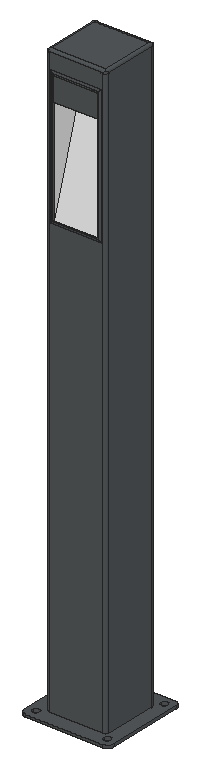
Revit family "svetilnik_alfresco_ar deko_dtu19", category Lighting Fixtures, Revit 2016 (continued)
Definition of nested family "Источник света Ар_Деко"
  Types (5, lengths in mm): name | Photometric Web File | built-in parameter 1150142
           0.2       0.2\r\n       0.2       0.2       0.2       0.2       0.2       0.2       0.2       0.2\r\n       0.2       0.2       0.2       0.2       0.2       0.2       0.2       0.2\r\n       0.2       0.2       0.2       0.2       0.2       0.2       0.2       0.2\r\n       0.2       0.2       0.2       0.1       0.1       0.1       0.1       0.1\r\n       0.1       0.1       0.1       0.1       0.0       0.0       0.0       0.0\r\n       0.0       0.0       0.0       0.0       0.0\r\n       0.0       0.0       0.0       0.0       0.0       0.0       0.0       0.0\r\n       0.1       0.1       0.1       0.1       0.1       0.1       0.1       0.1\r\n       0.1       0.1       0.1       0.1       0.1       0.1       0.1       0.1\r\n       0.1       0.2       0.2       0.2       0.2       0.2       0.2       0.2\r\n       0.1       0.2       0.2       0.2       0.2       0.1       0.2       0.1\r\n       0.2       0.2       0.2       0.2       0.2       0.2       0.2       0.2\r\n       0.2       0.2       0.2       0.2       0.2       0.2       0.2       0.2\r\n       0.2       0.2       0.2       0.2       0.2       0.2       0.2       0.2\r\n       0.2       0.2       0.2       0.2       0.2       0.2       0.2       0.2\r\n       0.2       0.2       0.2       0.2       0.2       0.2       0.2       0.2\r\n       0.2       0.2       0.2       0.2       0.2       0.2       0.2       0.2\r\n       0.2       0.2       0.2       0.2       0.2       0.2       0.2       0.2\r\n       0.2       0.2       0.2       0.2       0.2       0.2       0.2       0.2\r\n       0.2       0.2       0.2       0.2       0.2       0.2       0.2       0.2\r\n       0.2       0.2       0.2       0.2       0.2       0.2       0.2       0.2\r\n       0.2       0.2       0.2       0.2       0.2       0.2       0.2       0.2\r\n       0.2       0.2       0.2       0.2       0.2       0.2       0.2       0.1\r\n       0.2       0.2       0.2       0.1       0.2       0.2       0.2       0.2\r\n       0.2       0.2       0.2       0.2       0.2       0.2       0.2       0.2\r\n       0.2       0.2       0.2       0.2       0.2       0.2       0.2       0.1\r\n       0.1       0.1       0.1       0.1       0.1       0.1       0.1       0.1\r\n       0.1       0.1       0.1       0.0       0.0       0.0       0.0       0.0\r\n       0.0       0.0       0.0       0.0       0.0\r\n       0.0       0.0       0.0       0.0       0.0       0.0       0.0       0.0\r\n       0.1       0.1       0.1       0.1       0.1       0.1       0.1       0.1\r\n       0.1       0.1       0.1       0.1       0.1       0.1       0.1       0.1\r\n       0.1       0.1       0.1       0.1       0.1       0.1       0.1       0.1\r\n       0.1       0.1       0.2       0.1       0.2       0.2       0.2       0.1\r\n       0.2       0.2       0.2       0.2       0.2       0.2       0.2       0.2\r\n       0.2       0.2       0.2       0.2       0.2       0.2       0.2       0.2\r\n       0.2       0.2       0.2       0.2       0.2       0.2       0.2       0.2\r\n       0.2       0.2       0.2       0.2       0.2       0.2       0.2       0.2\r\n       0.2       0.2       0.2       0.2       0.2       0.2       0.2       0.2\r\n       0.2       0.2       0.2       0.2       0.2       0.2       0.2       0.2\r\n       0.2       0.2       0.2       0.2       0.2       0.2       0.2       0.2\r\n       0.2       0.2       0.2       0.2       0.2       0.2       0.2       0.2\r\n       0.2       0.2       0.2       0.2       0.2       0.2       0.2       0.2\r\n       0.2       0.2       0.2       0.2       0.2       0.2       0.2       0.2\r\n       0.2       0.2       0.2       0.2       0.2       0.2       0.2       0.2\r\n       0.2       0.2       0.2       0.2       0.2       0.2       0.2       0.2\r\n       0.2       0.2       0.2       0.2       0.2       0.2       0.2       0.2\r\n       0.2       0.2       0.2       0.1       0.1       0.1       0.1       0.1\r\n       0.1       0.1       0.1       0.1       0.1       0.1       0.1       0.1\r\n       0.1       0.1       0.1       0.1       0.1       0.1       0.1       0.1\r\n       0.1       0.1       0.0       0.0       0.0       0.0       0.0       0.0\r\n       0.0       0.0       0.0       0.0       0.0\r\n       0.0       0.0       0.0       0.0       0.0       0.0       0.0       0.0\r\n       0.1       0.1       0.1       0.1       0.1       0.1       0.1       0.1\r\n       0.1       0.1       0.1       0.1       0.1       0.1       0.1       0.1\r\n       0.1       0.1       0.1       0.1       0.1       0.1       0.1       0.1\r\n       0.1       0.1       0.1       0.1       0.1       0.1       0.1       0.1\r\n       0.1       0.1       0.1       0.1       0.1       0.1       0.1       0.1\r\n       0.1       0.1       0.1       0.1       0.1       0.1       0.1       0.1\r\n       0.1       0.1       0.1       0.2       0.1       0.1       0.1       0.2\r\n       0.2       0.2       0.2       0.2       0.2       0.2       0.2       0.2\r\n       0.2       0.2       0.1       0.2       0.2       0.1       0.2       0.2\r\n       0.1       0.2       0.2       0.2       0.2       0.2       0.2       0.2\r\n       0.2       0.2       0.2       0.2       0.2       0.2       0.2       0.2\r\n       0.2       0.2       0.2       0.2       0.2       0.2       0.2       0.2\r\n       0.1       0.2       0.2       0.2       0.2       0.2       0.2       0.1\r\n       0.2       0.2       0.2       0.1       0.2       0.2       0.1       0.1\r\n       0.1       0.1       0.2       0.1       0.1       0.2       0.2       0.1\r\n       0.1       0.1       0.1       0.1       0.1       0.1       0.1       0.1\r\n       0.1       0.1       0.1       0.1       0.1       0.1       0.1       0.1\r\n       0.1       0.1       0.1       0.1       0.1       0.1       0.1       0.1\r\n       0.1       0.1       0.1       0.1       0.1       0.1       0.1       0.1\r\n       0.1       0.1       0.1       0.1       0.1       0.1       0.1       0.1\r\n       0.1       0.1       0.0       0.0       0.0       0.0       0.0       0.0\r\n       0.0       0.0       0.0       0.0       0.0\r\n       0.0       0.0       0.0       0.0       0.0       0.0       0.0       0.0\r\n       0.1       0.1       0.1       0.1       0.1       0.1       0.1       0.1\r\n       0.1       0.1       0.1       0.1       0.1       0.1       0.1       0.1\r\n       0.1       0.1       0.1       0.1       0.1       0.1       0.1       0.1\r\n       0.1       0.1       0.1       0.1       0.1       0.1       0.1       0.1\r\n       0.1       0.1       0.1       0.1       0.1       0.1       0.1       0.1\r\n       0.1       0.1       0.1       0.1       0.1       0.1       0.1       0.1\r\n       0.1       0.1       0.1       0.1       0.1       0.1       0.1       0.1\r\n       0.1       0.1       0.1       0.1       0.1       0.1       0.1       0.1\r\n       0.1       0.1       0.1       0.1       0.1       0.1       0.1       0.1\r\n       0.1       0.1       0.1       0.1       0.1       0.1       0.1       0.1\r\n       0.1       0.1       0.1       0.1       0.1       0.1       0.1       0.1\r\n       0.1       0.1       0.1       0.1       0.1       0.1       0.1       0.1\r\n       0.1       0.1       0.1       0.1       0.1       0.1       0.1       0.1\r\n       0.1       0.1       0.1       0.1       0.1       0.1       0.1       0.1\r\n       0.1       0.1       0.1       0.1       0.1       0.1       0.1       0.1\r\n       0.1       0.1       0.1       0.1       0.1       0.1       0.1       0.1\r\n       0.1       0.1       0.1       0.1       0.1       0.1       0.1       0.1\r\n       0.1       0.1       0.1       0.1       0.1       0.1       0.1       0.1\r\n       0.1       0.1       0.1       0.1       0.1       0.1       0.1       0.1\r\n       0.1       0.1       0.1       0.1       0.1       0.1       0.1       0.1\r\n       0.1       0.1       0.0       0.0       0.0       0.0       0.0       0.0\r\n       0.0       0.0       0.0       0.0       0.0\r\n       0.0       0.0       0.0       0.0       0.0       0.0       0.0       0.0\r\n       0.1       0.1       0.1       0.1       0.1       0.1       0.1       0.1\r\n       0.1       0.1       0.1       0.1       0.1       0.1       0.1       0.1\r\n       0.1       0.1       0.1       0.1       0.1       0.1       0.1       0.1\r\n       0.1       0.1       0.1       0.1       0.1       0.1       0.1       0.1\r\n       0.1       0.1       0.1       0.1       0.1       0.1       0.1       0.1\r\n       0.1       0.1       0.1       0.1       0.1       0.1       0.1       0.1\r\n       0.1       0.1       0.1       0.1       0.1       0.1       0.1       0.1\r\n       0.1       0.1       0.1       0.1       0.1       0.1       0.1       0.1\r\n       0.1       0.1       0.1       0.1       0.1       0.1       0.1       0.1\r\n       0.1       0.1       0.1       0.1       0.1       0.1       0.1       0.1\r\n       0.1       0.1       0.1       0.1       0.1       0.1       0.1       0.1\r\n       0.1       0.1       0.1       0.1       0.1       0.1       0.1       0.1\r\n       0.1       0.1       0.1       0.1       0.1       0.1       0.1       0.1\r\n       0.1       0.1       0.1       0.1       0.1       0.1       0.1       0.1\r\n       0.1       0.1       0.1       0.1       0.1       0.1       0.1       0.1\r\n       0.1       0.1       0.1       0.1       0.1       0.1       0.1       0.1\r\n       0.1       0.1       0.1       0.1       0.1       0.1       0.1       0.1\r\n       0.1       0.1       0.1       0.1       0.1       0.1       0.1       0.1\r\n       0.1       0.1       0.1       0.1       0.1       0.1       0.1       0.1\r\n       0.1       0.1       0.1       0.1       0.1       0.1       0.1       0.1\r\n       0.1       0.1       0.0       0.0       0.0       0.0       0.0       0.0\r\n       0.0       0.0       0.0       0.0       0.0\r\n       0.0       0.0       0.0       0.0       0.0       0.0       0.0       0.0\r\n       0.1       0.1       0.1       0.1       0.1       0.1       0.1       0.1\r\n       0.1       0.1       0.1       0.1       0.1       0.1       0.1       0.1\r\n       0.1       0.1       0.1       0.1       0.1       0.1       0.1       0.1\r\n       0.1       0.1       0.1       0.1       0.1       0.1       0.1       0.1\r\n       0.1       0.1       0.1       0.1       0.1       0.1       0.1       0.1\r\n       0.1       0.1       0.1       0.1       0.1       0.1       0.2       0.2\r\n       0.2       0.1       0.1       0.2       0.2       0.2       0.1       0.2\r\n       0.1       0.2       0.2       0.2       0.2       0.2       0.2       0.2\r\n       0.2       0.2       0.2       0.2       0.2       0.2       0.2       0.2\r\n       0.2       0.2       0.2       0.2       0.2       0.2       0.2       0.2\r\n       0.2       0.2       0.2       0.2       0.2       0.2       0.2       0.2\r\n       0.2       0.2       0.2       0.2       0.2       0.2       0.2       0.2\r\n       0.2       0.2       0.2       0.2       0.2       0.2       0.2       0.2\r\n       0.2       0.2       0.2       0.2       0.2       0.2       0.1       0.1\r\n       0.1       0.2       0.1       0.1       0.1       0.1       0.1       0.1\r\n       0.1       0.1       0.1       0.1       0.1       0.1       0.1       0.1\r\n       0.1       0.1       0.1       0.1       0.1       0.1       0.1       0.1\r\n       0.1       0.1       0.1       0.1       0.1       0.1       0.1       0.1\r\n       0.1       0.1       0.1       0.1       0.1       0.1       0.1       0.1\r\n       0.1       0.1       0.1       0.1       0.1       0.1       0.1       0.1\r\n       0.1       0.1       0.0       0.0       0.0       0.0       0.0       0.0\r\n       0.0       0.0       0.0       0.0       0.0\r\n       0.0       0.0       0.0       0.0       0.0       0.0       0.0       0.0\r\n       0.1       0.1       0.1       0.1       0.1       0.1       0.1       0.1\r\n       0.1       0.1       0.1       0.1       0.1       0.1       0.1       0.1\r\n       0.1       0.1       0.1       0.1       0.1       0.1       0.2       0.2\r\n       0.2       0.2       0.2       0.2       0.2       0.2       0.2       0.2\r\n       0.2       0.2       0.2       0.2       0.2       0.2       0.2       0.2\r\n       0.2       0.2       0.2       0.2       0.2       0.2       0.2       0.2\r\n       0.2       0.2       0.2       0.2       0.2       0.2       0.2       0.2\r\n       0.2       0.2       0.2       0.2       0.2       0.2       0.2       0.2\r\n       0.2       0.2       0.2       0.2       0.2       0.2       0.2       0.2\r\n       0.2       0.2       0.2       0.2       0.2       0.2       0.2       0.2\r\n       0.2       0.2       0.2       0.2       0.2       0.2       0.2       0.2\r\n       0.2       0.2       0.2       0.2       0.2       0.2       0.2       0.2\r\n       0.2       0.2       0.2       0.2       0.2       0.2       0.2       0.2\r\n       0.2       0.2       0.2       0.2       0.2       0.2       0.2       0.2\r\n       0.2       0.2       0.2       0.2       0.2       0.2       0.2       0.2\r\n       0.2       0.2       0.2       0.2       0.2       0.2       0.2       0.2\r\n       0.2       0.2       0.2       0.2       0.2       0.2       0.2       0.2\r\n       0.2       0.2       0.2       0.2       0.2       0.1       0.1       0.1\r\n       0.1       0.1       0.1       0.1       0.1       0.1       0.1       0.1\r\n       0.1       0.1       0.1       0.1       0.1       0.1       0.1       0.1\r\n       0.1       0.1       0.0       0.0       0.0       0.0       0.0       0.0\r\n       0.0       0.0       0.0       0.0       0.0\r\n       0.0       0.0       0.0       0.0       0.0       0.0       0.0       0.0\r\n       0.1       0.1       0.1       0.1       0.1       0.1       0.1       0.1\r\n       0.1       0.1       0.1       0.1       0.1       0.1       0.2       0.2\r\n       0.2       0.2       0.2       0.2       0.2       0.2       0.2       0.2\r\n       0.2       0.2       0.2       0.2       0.2       0.2       0.2       0.2\r\n       0.2       0.2       0.2       0.2       0.2       0.2       0.2       0.2\r\n       0.2       0.2       0.2       0.2       0.2       0.2       0.2       0.2\r\n       0.2       0.2       0.2       0.2       0.2       0.2       0.2       0.2\r\n       0.2       0.2       0.2       0.2       0.2       0.2       0.2       0.2\r\n       0.2       0.2       0.2       0.2       0.2       0.2       0.2       0.2\r\n       0.2       0.2       0.2       0.2       0.2       0.2       0.2       0.2\r\n       0.2       0.2       0.2       0.2       0.2       0.2       0.2       0.2\r\n       0.2       0.2       0.2       0.2       0.2       0.2       0.2       0.2\r\n       0.2       0.2       0.2       0.2       0.2       0.2       0.2       0.2\r\n       0.2       0.2       0.2       0.2       0.2       0.2       0.2       0.2\r\n       0.2       0.2       0.2       0.2       0.2       0.2       0.2       0.2\r\n       0.2       0.2       0.2       0.2       0.2       0.2       0.2       0.2\r\n       0.2       0.2       0.2       0.2       0.2       0.2       0.2       0.2\r\n       0.2       0.2       0.2       0.2       0.2       0.2       0.2       0.2\r\n       0.2       0.2       0.1       0.2       0.2       0.1       0.1       0.1\r\n       0.1       0.1       0.1       0.1       0.1       0.1       0.1       0.1\r\n       0.1       0.1       0.1       0.0       0.0       0.0       0.0       0.0\r\n       0.0       0.0       0.0       0.0       0.0\r\n       0.0       0.0       0.0       0.0       0.0       0.0       0.0       0.0\r\n       0.1       0.1       0.1       0.1       0.1       0.1       0.1       0.1\r\n       0.1       0.2       0.2       0.2       0.2       0.2       0.2       0.2\r\n       0.2       0.2       0.2       0.2       0.2       0.2       0.2       0.2\r\n       0.2       0.2       0.2       0.2       0.2       0.2       0.2       0.2\r\n       0.2       0.2       0.2       0.2       0.2       0.2       0.2       0.2\r\n       0.2       0.2       0.2       0.2       0.2       0.2       0.2       0.2\r\n       0.2       0.2       0.2       0.2       0.2       0.2       0.2       0.2\r\n       0.2    
         0.2       0.2       0.2       0.2       0.2       0.2       0.2\r\n       0.2       0.2       0.2       0.2       0.2       0.2       0.2       0.2\r\n       0.2       0.2       0.2       0.2       0.2       0.2       0.2       0.2\r\n       0.2       0.2       0.2       0.2       0.2       0.2       0.2       0.2\r\n       0.2       0.2       0.2       0.2       0.2       0.2       0.2       0.2\r\n       0.2       0.2       0.2       0.2       0.2       0.2       0.2       0.2\r\n       0.2       0.2       0.2       0.2       0.2       0.2       0.2       0.2\r\n       0.2       0.2       0.2       0.2       0.2       0.2       0.2       0.2\r\n       0.2       0.2       0.2       0.2       0.2       0.2       0.2       0.2\r\n       0.2       0.2       0.2       0.2       0.2       0.2       0.2       0.2\r\n       0.2       0.2       0.2       0.2       0.2       0.2       0.2       0.2\r\n       0.2       0.2       0.2       0.2       0.2       0.2       0.2       0.2\r\n       0.1       0.1       0.1       0.1       0.1       0.1       0.1       0.1\r\n       0.1       0.1       0.1       0.0       0.0       0.0       0.0       0.0\r\n       0.0       0.0       0.0       0.0       0.0\r\n       0.0       0.0       0.0       0.0       0.0       0.0       0.0       0.0\r\n       0.1       0.1       0.1       0.1       0.1       0.1       0.2       0.2\r\n       0.2       0.2       0.2       0.2       0.2       0.2       0.2       0.2\r\n       0.2       0.2       0.2       0.2       0.2       0.2       0.2       0.2\r\n       0.2       0.2       0.2       0.2       0.2       0.2       0.2       0.2\r\n       0.2       0.2       0.2       0.2       0.2       0.2       0.2       0.2\r\n       0.2       0.2       0.2       0.2       0.2       0.2       0.2       0.2\r\n       0.2       0.2       0.2       0.2       0.2       0.2       0.2       0.2\r\n       0.2       0.2       0.2       0.2       0.2       0.2       0.2       0.2\r\n       0.2       0.2       0.2       0.2       0.2       0.2       0.2       0.2\r\n       0.2       0.2       0.2       0.2       0.2       0.2       0.2       0.2\r\n       0.2       0.2       0.2       0.2       0.2       0.2       0.2       0.2\r\n       0.2       0.2       0.2       0.2       0.2       0.2       0.2       0.2\r\n       0.2       0.2       0.2       0.2       0.2       0.2       0.2       0.2\r\n       0.2       0.2       0.2       0.2       0.2       0.2       0.2       0.2\r\n       0.2       0.2       0.2       0.2       0.2       0.2       0.2       0.2\r\n       0.2       0.2       0.2       0.2       0.2       0.2       0.2       0.2\r\n       0.2       0.2       0.2       0.2       0.2       0.2       0.2       0.2\r\n       0.2       0.2       0.2       0.2       0.2       0.2       0.2       0.2\r\n       0.2       0.2       0.2       0.2       0.2       0.2       0.2       0.2\r\n       0.2       0.2       0.2       0.1       0.1       0.1       0.1       0.1\r\n       0.1       0.1       0.1       0.0       0.0       0.0       0.0       0.0\r\n       0.0       0.0       0.0       0.0       0.0\r\n       0.0       0.0       0.0       0.0       0.0       0.0       0.0       0.0\r\n       0.1       0.1       0.1       0.2       0.2       0.2       0.2       0.2\r\n       0.2       0.2       0.2       0.2       0.2       0.2       0.2       0.2\r\n       0.2       0.2       0.2       0.2       0.2       0.2       0.2       0.2\r\n       0.2       0.2       0.2       0.2       0.2       0.2       0.2       0.2\r\n       0.2       0.2       0.2       0.2       0.2       0.2       0.2       0.2\r\n       0.2       0.2       0.2       0.2       0.2       0.2       0.2       0.2\r\n       0.2       0.2       0.2       0.2       0.2       0.2       0.2       0.2\r\n       0.2       0.2       0.2       0.2       0.2       0.2       0.2       0.2\r\n       0.2       0.2       0.2       0.2       0.2       0.2       0.2       0.2\r\n       0.2       0.2       0.2       0.2       0.2       0.2       0.2       0.2\r\n       0.2       0.2       0.2       0.2       0.2       0.2       0.2       0.2\r\n       0.2       0.2       0.2       0.2       0.2       0.2       0.2       0.2\r\n       0.2       0.2       0.2       0.2       0.2       0.2       0.2       0.2\r\n       0.2       0.2       0.2       0.2       0.2       0.2       0.2       0.2\r\n       0.2       0.2       0.2       0.2       0.2       0.2       0.2       0.2\r\n       0.2       0.2       0.2       0.2       0.2       0.2       0.2       0.2\r\n       0.2       0.2       0.2       0.2       0.2       0.2       0.2       0.2\r\n       0.2       0.2       0.2       0.2       0.2       0.2       0.2       0.2\r\n       0.2       0.2       0.2       0.2       0.2       0.2       0.2       0.2\r\n       0.2       0.2       0.2       0.2       0.2       0.2       0.1       0.1\r\n       0.1       0.1       0.1       0.1       0.0       0.0       0.0       0.0\r\n       0.0       0.0       0.0       0.0       0.0\r\n       0.0       0.0       0.0       0.0       0.0       0.0       0.0       0.0\r\n       0.2       0.1       0.2       0.2       0.2       0.2       0.2       0.2\r\n       0.2       0.2       0.2       0.2       0.2       0.2       0.2       0.2\r\n       0.2       0.2       0.2       0.2       0.2       0.2       0.2       0.2\r\n       0.2       0.2       0.2       0.2       0.2       0.2       0.2       0.2\r\n       0.2       0.2       0.2       0.2       0.2       0.2       0.2       0.2\r\n       0.2       0.2       0.2       0.2       0.2       0.2       0.2       0.2\r\n       0.2       0.2       0.2       0.2       0.2       0.2       0.2       0.2\r\n       0.2       0.2       0.2       0.2       0.2       0.2       0.2       0.2\r\n       0.2       0.2       0.2       0.2       0.2       0.2       0.2       0.2\r\n       0.2       0.2       0.2       0.2       0.2       0.2       0.2       0.2\r\n       0.2       0.2       0.2       0.2       0.2       0.2       0.2       0.2\r\n       0.2       0.2       0.2       0.2       0.2       0.2       0.2       0.2\r\n       0.2       0.2       0.2       0.2       0.2       0.2       0.2       0.2\r\n       0.2       0.2       0.2       0.2       0.2       0.2       0.2       0.2\r\n       0.2       0.2       0.2       0.2       0.2       0.2       0.2       0.2\r\n       0.2       0.2       0.2       0.2       0.2       0.2       0.2       0.2\r\n       0.2       0.2       0.2       0.2       0.2       0.2       0.2       0.2\r\n       0.2       0.2       0.2       0.2       0.2       0.2       0.2       0.2\r\n       0.2       0.2       0.2       0.2       0.2       0.2       0.2       0.2\r\n       0.2       0.2       0.2       0.2       0.2       0.2       0.2       0.2\r\n       0.1       0.1       0.1       0.1       0.0       0.0       0.0       0.0\r\n       0.0       0.0       0.0       0.0       0.0\r\n       0.0       0.0       0.0       0.0       0.0       0.0       0.1       0.1\r\n       0.2       0.2       0.2       0.2       0.2       0.2       0.2       0.2\r\n       0.2       0.2       0.2       0.2       0.2       0.2       0.2       0.2\r\n       0.2       0.2       0.2       0.2       0.2       0.2       0.2       0.2\r\n       0.2       0.2       0.2       0.2       0.2       0.2       0.2       0.2\r\n       0.2       0.2       0.2       0.2       0.2       0.2       0.2       0.2\r\n       0.2       0.2       0.2       0.2       0.2       0.2       0.2       0.2\r\n       0.2       0.2       0.2       0.2       0.2       0.2       0.2       0.2\r\n       0.2       0.2       0.2       0.2       0.2       0.2       0.2       0.2\r\n       0.2       0.2       0.2       0.2       0.2       0.2       0.2       0.2\r\n       0.2       0.2       0.2       0.2       0.2       0.2       0.2       0.2\r\n       0.2       0.2       0.2       0.2       0.2       0.2       0.2       0.2\r\n       0.2       0.2       0.2       0.2       0.2       0.2       0.2       0.2\r\n       0.2       0.2       0.2       0.2       0.2       0.2       0.2       0.2\r\n       0.2       0.2       0.2       0.2       0.2       0.2       0.2       0.2\r\n       0.2       0.2       0.2       0.2       0.2       0.2       0.2       0.2\r\n       0.2       0.2       0.2       0.2       0.2       0.2       0.2       0.2\r\n       0.2       0.2       0.2       0.2       0.2       0.2       0.2       0.2\r\n       0.2       0.2       0.2       0.2       0.2       0.2       0.2       0.2\r\n       0.2       0.2       0.2       0.2       0.2       0.2       0.2       0.2\r\n       0.2       0.2       0.2       0.2       0.2       0.2       0.2       0.2\r\n       0.1       0.1       0.1       0.1       0.0       0.0       0.0       0.0\r\n       0.0       0.0       0.0       0.0       0.0\r\n       0.0       0.0       0.0       0.0       0.0       0.0       0.1       0.1\r\n       0.2       0.2       0.2       0.2       0.2       0.2       0.2       0.2\r\n       0.2       0.2       0.2       0.2       0.2       0.2       0.2       0.2\r\n       0.2       0.2       0.2       0.2       0.2       0.2       0.2       0.2\r\n       0.2       0.2       0.2       0.2       0.2       0.2       0.2       0.2\r\n       0.2       0.2       0.2       0.2       0.2       0.2       0.2       0.2\r\n       0.2       0.2       0.2       0.2       0.2       0.2       0.2       0.2\r\n       0.2       0.2       0.2       0.2       0.2       0.2       0.2       0.2\r\n       0.2       0.2       0.2       0.2       0.2       0.2       0.2       0.2\r\n       0.2       0.2       0.2       0.2       0.2       0.2       0.2       0.2\r\n       0.2       0.2       0.2       0.2       0.2       0.2       0.2       0.2\r\n       0.2       0.2       0.2       0.2       0.2       0.2       0.2       0.2\r\n       0.2       0.2       0.2       0.2       0.2       0.2       0.2       0.2\r\n       0.2       0.2       0.2       0.2       0.2       0.2       0.2       0.2\r\n       0.2       0.2       0.2       0.2       0.2       0.2       0.2       0.2\r\n       0.2       0.2       0.2       0.2       0.2       0.2       0.2       0.2\r\n       0.2       0.2       0.2       0.2       0.2       0.2       0.2       0.2\r\n       0.2       0.2       0.2       0.2       0.2       0.2       0.2       0.2\r\n       0.2       0.2       0.2       0.2       0.2       0.2       0.2       0.2\r\n       0.2       0.2       0.2       0.2       0.2       0.2       0.2       0.2\r\n       0.2       0.2       0.2       0.2       0.2       0.2       0.2       0.2\r\n       0.1       0.1       0.1       0.1       0.0       0.0       0.0       0.0\r\n       0.0       0.0       0.0       0.0       0.0\r\n       0.0       0.0       0.0       0.0       0.0       0.0       0.1       0.1\r\n       0.2       0.2       0.2       0.2       0.2       0.2       0.2       0.2\r\n       0.2       0.2       0.2       0.2       0.2       0.2       0.2       0.2\r\n       0.2       0.2       0.2       0.2       0.2       0.2       0.2       0.2\r\n       0.2       0.2       0.2       0.2       0.2       0.2       0.2       0.2\r\n       0.2       0.2       0.2       0.2       0.2       0.2       0.2       0.2\r\n       0.2       0.2       0.2       0.2       0.2       0.2       0.2       0.2\r\n       0.2       0.2       0.2       0.2       0.2       0.2       0.2       0.2\r\n       0.2       0.2       0.2       0.2       0.2       0.2       0.2       0.2\r\n       0.2       0.2       0.2       0.2       0.2       0.2       0.2       0.2\r\n       0.2       0.2       0.2       0.2       0.2       0.2       0.2       0.2\r\n       0.2       0.2       0.2       0.2       0.2       0.2       0.2       0.2\r\n       0.2       0.2       0.2       0.2       0.2       0.2       0.2       0.2\r\n       0.2       0.2       0.2       0.2       0.2       0.2       0.2       0.2\r\n       0.2       0.2       0.2       0.2       0.2       0.2       0.2       0.2\r\n       0.2       0.2       0.2       0.2       0.2       0.2       0.2       0.2\r\n       0.2       0.2       0.2       0.2       0.2       0.2       0.2       0.2\r\n       0.2       0.2       0.2       0.2       0.2       0.2       0.2       0.2\r\n       0.2       0.2       0.2       0.2       0.2       0.2       0.2       0.2\r\n       0.2       0.2       0.2       0.2       0.2       0.2       0.2       0.2\r\n       0.2       0.2       0.2       0.2       0.2       0.2       0.2       0.2\r\n       0.1       0.1       0.1       0.1       0.1       0.0       0.0       0.0\r\n       0.0       0.0       0.0       0.0       0.0\r\n       0.0       0.0       0.0       0.0       0.0       0.1       0.1       0.1\r\n       0.2       0.2       0.2       0.2       0.2       0.2       0.2       0.2\r\n       0.2       0.2       0.2       0.2       0.2       0.2       0.2       0.2\r\n       0.2       0.2       0.2       0.2       0.2       0.2       0.2       0.2\r\n       0.2       0.2       0.2       0.2       0.2       0.2       0.2       0.2\r\n       0.2       0.2       0.2       0.2       0.2       0.2       0.2       0.2\r\n       0.2       0.2       0.2       0.2       0.2       0.2       0.2       0.2\r\n       0.2       0.2       0.2       0.2       0.2       0.2       0.2       0.2\r\n       0.2       0.2       0.2       0.2       0.2       0.2       0.2       0.2\r\n       0.2       0.2       0.2       0.2       0.2       0.2       0.2       0.2\r\n       0.2       0.2       0.2       0.2       0.2       0.2       0.2       0.2\r\n       0.2       0.2       0.2       0.2       0.2       0.2       0.2       0.2\r\n       0.2       0.2       0.2       0.2       0.2       0.2       0.2       0.2\r\n       0.2       0.2       0.2       0.2       0.2       0.2       0.2       0.2\r\n       0.2       0.2       0.2       0.2       0.2       0.2       0.2       0.2\r\n       0.2       0.2       0.2       0.2       0.2       0.2       0.2       0.2\r\n       0.2       0.2       0.2       0.2       0.2       0.2       0.2       0.2\r\n       0.2       0.2       0.2       0.2       0.2       0.2       0.2       0.2\r\n       0.2       0.2       0.2       0.2       0.2       0.2       0.2       0.2\r\n       0.2       0.2       0.2       0.2       0.2       0.2       0.2       0.2\r\n       0.2       0.2       0.2       0.2       0.2       0.2       0.2       0.2\r\n       0.1       0.1       0.1       0.1       0.1       0.0       0.0       0.0\r\n       0.0       0.0       0.0       0.0       0.0\r\n       0.0       0.0       0.0       0.0       0.0       0.1       0.1       0.1\r\n       0.2       0.2       0.2       0.2       0.2       0.2       0.2       0.2\r\n       0.2       0.2       0.2       0.2       0.2       0.2       0.2       0.2\r\n       0.2       0.2       0.2       0.2       0.2       0.2       0.2       0.2\r\n       0.2       0.2       0.2       0.2       0.2       0.2       0.2       0.2\r\n       0.2       0.2       0.2       0.2       0.2       0.2       0.2       0.2\r\n       0.2       0.2       0.2       0.2       0.2       0.2       0.2       0.2\r\n       0.2       0.2       0.2       0.2       0.2       0.2       0.2       0.2\r\n       0.2       0.2       0.2       0.2       0.2       0.2       0.2       0.2\r\n       0.2       0.2       0.2       0.2       0.2       0.2       0.2       0.2\r\n       0.2       0.2       0.2       0.2       0.2       0.2       0.2       0.2\r\n       0.2       0.2       0.2       0.2       0.2       0.2       0.2       0.2\r\n       0.2       0.2       0.2       0.2       0.2       0.2       0.2       0.2\r\n       0.2       0.2       0.2       0.2       0.2       0.2       0.2       0.2\r\n       0.2       0.2       0.2       0.2       0.2       0.2       0.2       0.2\r\n       0.2       0.2       0.2       0.2       0.2       0.2       0.2       0.2\r\n       0.2       0.2       0.2       0.2       0.2       0.2       0.2       0.2\r\n       0.2       0.2       0.2       0.2       0.2       0.2       0.2       0.2\r\n       0.2       0.2       0.2       0.2       0.2       0.2       0.2       0.2\r\n       0.2       0.2       0.2       0.2       0.2       0.2       0.2       0.2\r\n       0.2       0.2       0.2       0.2       0.2       0.2       0.2       0.2\r\n       0.1       0.1       0.1       0.1       0.1       0.0       0.0       0.0\r\n       0.0       0
